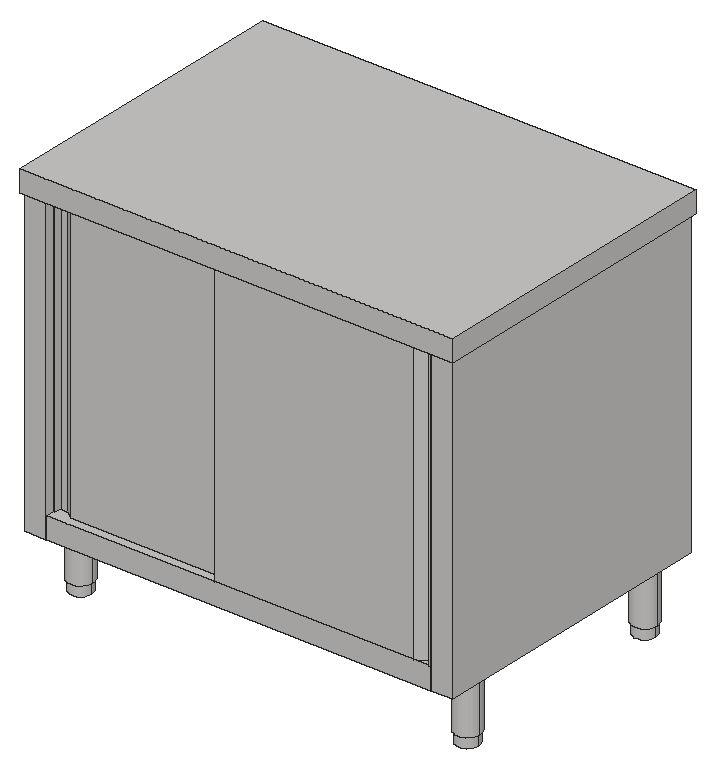
Revit family "QF_ELECTROLUXPROFESSIONAL_133073_TN1000EN", category Attrezzature speciali, Revit 2020
Family settings
  Quota connettore circolare = Usa diametro
  Tipo di parte = Normale
  Basato su piano di lavoro = No
  Sempre verticale = Sì
  Taglio con vuoti quando caricato = No
  Condiviso = No
  Punto di calcolo locali = No
Parameters (values of type "Standard")
  Weight = 50.00 kg
  Watts = 0 W
  Volts = 0 V
  URL Manufacturer = "https://www.electroluxprofessional.com/"
  URL = "https://www.electroluxprofessional.com/"
  Steam Supply Size = 0 mm
  Steam Supply Minimum Pressure = 0.0 Pa
  Steam Supply Maximum Pressure = 0.0 Pa
  Steam Consumption per Hour = 0
  Refrigeration Suction Line Size = 0.0 mm
  Refrigeration Liquid Line Size = 0.0 mm
  Refrigerant Compressor Remote = yes
  Prospetto di default = 0.0 mm
  Produttore = "Electrolux Professional"
  Phase = 0
  Modello = "TN1000EN"
  Length Actual = 1000.0 mm  # constant formula
  Item Number = "133073"
  Hot Water Size = 0 mm
  Height Actual = 900.0 mm  # constant formula
  HP = "0 HP"
  Gas Size = 0 mm
  Gas KW = 0
  Gas Input Pressure = 0 W
  Direct Waste Size = 0 mm
  Descrizione = "WORKTOP CUPBOARD 1000 MM"
  Depth Actual = 700.0 mm  # constant formula
  Cycle = 0 Hz
  Condensate Return Size = 0 mm
  Compressed Air Volume = 0.0 L/s
  Compressed Air Size = 0 mm
  Compressed Air Pressure = 0.0 Pa
  Cold Water Size = 0 mm
  Accessory = yes
Reference planes
  plane 1 "Center (Front/Back)": y = 0
  plane 2: z = 0
  plane 3 "Center (Left/Right)": x = 0
  plane 4 "LEFT": x = -500
  plane 5 "RIGHT": x = 500
  plane 6 "BACK": y = 350
  plane 7 "FRONT": y = -350
  plane 8 "Base": z = 850
  plane 9 "TOP": z = 900
  plane 10: x = -446.9
  plane 11: x = 446.9
  plane 12: y = 270
  plane 13: y = -241.9
  plane 14 "BodyLeft": x = -494.5
  plane 15 "BodyFront": y = -344.5
  plane 16 "BodyRight": x = 494.5
  plane 17 "BodyBack": y = 344.5
  plane 18 "FEET": z = 150
  plane 19: x = 55.5
  plane 20: x = -55.5
Forms (mm)
  Extrusion 1, solid, material "QF_Finishes_Stainless Steel"
    sketch origin (0, 0, 0) x (0, 1, 0) y (0, 0, 1)
      loop
        line (-350, 850) -> (350, 850) -> (350, 900) -> (-350, 900) -> (-350, 850)
    from 500 to -500
  Extrusion 2, solid, material "QF_Finishes_Stainless Steel"
    sketch origin (0, 0, 150) x (-1, 0, 0) y (0, -1, 0)
      loop
        line (494.5, -344.5) -> (494.5, 344.5) -> (444.5, 344.5) -> (444.5, -344.5) -> (494.5, -344.5)
      loop
        line (-444.5, -344.5) -> (-444.5, 344.5) -> (-494.5, 344.5) -> (-494.5, -344.5) -> (-444.5, -344.5)
    from 0 to 700
  Extrusion 3, solid, material "QF_Finishes_Stainless Steel"
    sketch origin (0, 0, 150) x (-1, 0, 0) y (0, -1, 0)
      loop
        line (443.585, -344.5) -> (443.585, 344.5) -> (-444.5, 344.5) -> (-444.5, -344.5) -> (443.585, -344.5)
    from 0 to 50
  Extrusion 4, solid, material "QF_Finishes_Stainless Steel"
    sketch origin (0, 0, 150) x (-1, 0, 0) y (0, -1, 0)
      loop
        line (443.585, -344.5) -> (443.585, -294.5) -> (-444.5, -294.5) -> (-444.5, -344.5) -> (443.585, -344.5)
    from 50 to 700
  Extrusion 5, solid, material "QF_Finishes_Stainless Steel"
    sketch origin (0, 0, 150) x (-1, 0, 0) y (0, -1, 0)
      loop
        line (-444.5, 344.5) -> (-444.5, 324.5) -> (55.5, 324.5) -> (55.5, 344.5) -> (-404.5, 344.5) -> (-424.5, 329.5) -> (-439.5, 329.5) -> (-439.5, 344.5) -> (-444.5, 344.5)
    from 50 to 700
  Extrusion 6, solid, material "QF_Finishes_Stainless Steel"
    sketch origin (0, 20, 150) x (1, 0, 0) y (0, 1, 0)
      loop
        line (-444.5, -344.5) -> (-439.5, -344.5) -> (-439.5, -329.5) -> (-424.5, -329.5) -> (-404.5, -344.5) -> (55.5, -344.5) -> (55.5, -324.5) -> (-444.5, -324.5) -> (-444.5, -344.5)
    from 50 to 700
Lines and regions (mm)
  symbolic lines
    curve 1: line (500, 350, 900) -> (-500, 350, 900)
    curve 2: line (-500, 350, 900) -> (-500, -350, 900)
    curve 3: line (-500, -350, 900) -> (500, -350, 900)
    curve 4: line (500, -350, 900) -> (500, 350, 900)
  symbolic lines, style "SpecialityEquipmentHiddenLines"
    curve 5: line (-494.5, 344.5, 150) -> (494.5, 344.5, 150)
    curve 6: line (-494.5, -344.5, 150) -> (-494.5, 344.5, 150)
    curve 7: line (494.5, -344.5, 150) -> (-494.5, -344.5, 150)
    curve 8: line (494.5, 344.5, 150) -> (494.5, -344.5, 150)
    curve 9: line (-444.5, -304.5, 150) -> (55.5, -304.5, 150)
    curve 10: line (55.5, -304.5, 150) -> (55.5, -324.5, 150)
    curve 11: line (-444.5, -324.5, 150) -> (444.5, -324.5, 150)
    curve 12: line (444.5, -324.5, 150) -> (444.5, -344.5, 150)
    curve 13: line (-55.5, -324.5, 150) -> (-55.5, -344.5, 150)
    curve 14: line (-444.5, -304.5, 150) -> (-444.5, -324.5, 150)
Dimensions and locks
  plane 4 "LEFT" to plane 5 "RIGHT" = 1000.0 mm
  equal spacing: plane 4 "LEFT", plane 3 "Center (Left/Right)", plane 5 "RIGHT"
  locked: plane 8 "Base" to level at 850
  plane 9 "TOP" to level = 900.0 mm
  plane 6 "BACK" to plane 7 "FRONT" = 700.0 mm
  equal spacing: plane 6 "BACK", plane 1 "Center (Front/Back)", plane 7 "FRONT"
  locked: plane 4 "LEFT" to plane 14 "BodyLeft" at 5.5
  locked: plane 16 "BodyRight" to plane 5 "RIGHT" at 5.5
  locked: plane 15 "BodyFront" to plane 7 "FRONT" at 5.5
  locked: plane 6 "BACK" to plane 17 "BodyBack" at 5.5
  locked: plane 14 "BodyLeft" to plane 10 at 47.6
  locked: plane 11 to plane 16 "BodyRight" at 47.6
  locked: plane 13 to plane 15 "BodyFront" at 102.6
  locked: plane 17 "BodyBack" to plane 12 at 74.5
  plane 10 to plane 11 = 893.8 mm
  plane 12 to plane 13 = 511.9 mm
  locked: plane 14 "BodyLeft" to Extrusion 2 sketch curve at 50
  locked: Extrusion 2 sketch curve to Extrusion 2 sketch curve at 50
  Extrusion 3 to Extrusion 4 sketch curve = 50.0 mm
  Extrusion 2 to plane 19 = 500.0 mm
  plane 20 to Extrusion 2 = 500.0 mm
  locked: plane 18 "FEET" to level at 150
  aligned and locked: level to plane 2
  aligned and locked: plane 10 to nested 1
  aligned and locked: nested 1 to plane 13
  aligned and locked: plane 11 to nested 2
  aligned and locked: nested 2 to plane 13
  aligned and locked: plane 11 to nested 4
  aligned and locked: nested 4 to plane 12
  aligned and locked: plane 10 to nested 3
  aligned and locked: nested 3 to plane 12
  aligned and locked: Extrusion 1 to plane 4 "LEFT"
  aligned and locked: plane 5 "RIGHT" to Extrusion 1
  aligned and locked: curve 2 to plane 4 "LEFT"
  aligned and locked: plane 17 "BodyBack" to Extrusion 2 sketch curve
  aligned and locked: Extrusion 2 sketch curve to plane 15 "BodyFront"
  aligned and locked: Extrusion 2 sketch curve to plane 14 "BodyLeft"
  aligned and locked: plane 16 "BodyRight" to Extrusion 2 sketch curve
  aligned and locked: Extrusion 2 sketch curve to plane 17 "BodyBack"
  aligned and locked: plane 15 "BodyFront" to Extrusion 2 sketch curve
  aligned and locked: Extrusion 3 sketch curve to plane 17 "BodyBack"
  aligned and locked: plane 15 "BodyFront" to Extrusion 3 sketch curve
  aligned and locked: plane 8 "Base" to Extrusion 2
  aligned and locked: Extrusion 4 sketch curve to Extrusion 3
  aligned and locked: plane 8 "Base" to Extrusion 5
  aligned and locked: Extrusion 5 to Extrusion 3
  aligned and locked: Extrusion 6 sketch curve to plane 19
  aligned and locked: Extrusion 5 sketch curve to plane 20
  aligned and locked: Extrusion 1 to plane 8 "Base"
  aligned and locked: plane 9 "TOP" to Extrusion 1
  aligned and locked: curve 5 to plane 17 "BodyBack"
  aligned and locked: plane 14 "BodyLeft" to curve 6
  aligned and locked: plane 15 "BodyFront" to curve 7
  aligned and locked: plane 16 "BodyRight" to curve 8
Automatic sketch dimensions
  curve 3 to plane 7 "FRONT" = 0.0 mm
  curve 4 to plane 6 "BACK" = 0.0 mm
  Extrusion 1 sketch curve to plane 7 "FRONT" = 0.0 mm
  plane 9 "TOP" to Extrusion 1 sketch curve = 0.0 mm
  Extrusion 1 sketch curve to plane 6 "BACK" = 0.0 mm
  Extrusion 1 sketch curve to plane 8 "Base" = 0.0 mm
  Extrusion 5 sketch curve to plane 15 "BodyFront" = 0.0 mm  (x2)
  Extrusion 5 sketch curve to plane 11 = 2.4 mm
  Extrusion 5 sketch curve to Extrusion 5 sketch curve = 5.0 mm
  Extrusion 5 sketch curve to Extrusion 5 sketch curve = 15.0 mm
  Extrusion 5 sketch curve to Extrusion 5 sketch curve = 20.0 mm
  plane 15 "BodyFront" to Extrusion 5 sketch curve = 15.0 mm
  plane 15 "BodyFront" to Extrusion 5 sketch curve = 20.0 mm
  Extrusion 6 sketch curve to plane 15 "BodyFront" = 20.0 mm  (x2)
  Extrusion 6 sketch curve to plane 10 = 2.4 mm
  Extrusion 6 sketch curve to Extrusion 6 sketch curve = 5.0 mm
  Extrusion 6 sketch curve to Extrusion 6 sketch curve = 15.0 mm
  Extrusion 6 sketch curve to Extrusion 6 sketch curve = 20.0 mm  (x2)
  Extrusion 6 sketch curve to plane 15 "BodyFront" = 35.0 mm
  Extrusion 3 sketch curve to plane 11 = 2.4 mm
  plane 10 to Extrusion 3 sketch curve = 3.315 mm
  Extrusion 4 sketch curve to plane 11 = 2.4 mm
  plane 10 to Extrusion 4 sketch curve = 3.315 mm
  curve 10 to plane 19 = 0.0 mm
  curve 13 to plane 20 = 0.0 mm
  curve 11 to plane 11 = 2.4 mm
  plane 15 "BodyFront" to curve 9 = 40.0 mm
  curve 12 to curve 12 = 20.0 mm
  plane 10 to curve 14 = 2.4 mm
  curve 4 to plane 5 "RIGHT" = 0.0 mm
Nested families
  nested 1: "FEET_D58-150" at (-446.9, -241.9, 0), type "FEET_D58-150"
  nested 2: "FEET_D58-150" at (446.9, -241.9, 0), type "FEET_D58-150"
  nested 3: "FEET_D58-150" at (-446.9, 270, 0), type "FEET_D58-150"
  nested 4: "FEET_D58-150" at (446.9, 270, 0), type "FEET_D58-150"
Definition of nested family "FEET_D58-150"
  Parameters
    Default Elevation = 0.0 mm
    FEET = 150.0 mm
  Reference planes
    plane 1 "Center (Front/Back)": y = 0
    plane 2: z = 0
    plane 3 "Center (Left/Right)": x = 0
    plane 4: z = 150
  Forms (mm)
    Extrusion 1, solid
      sketch origin (0, 0, 0) x (1, 0, 0) y (0, 1, 0)
        loop
          circle (0, 0) r 25
      from 0 to 25
    Extrusion 2, solid
      sketch origin (0, 0, 0) x (1, 0, 0) y (0, 1, 0)
        loop
          circle (0.061, 0) r 29
      from 25 to 150 <- "FEET"
  Lines and regions (mm)
    symbolic lines
      curve 1: line (0, -1.503, 0) -> (0, 1.508, 0)
      curve 2: line (1.561, 0, 0) -> (-1.439, 0, 0)
  Dimensions and locks
    "FEET": plane 4 to plane 2
    aligned and locked: level to plane 2
  Automatic sketch dimensions
    plane 1 "Center (Front/Back)" to Extrusion 1 sketch curve = 0.0 mm
    Extrusion 1 sketch curve to plane 3 "Center (Left/Right)" = 0.0 mm
    plane 1 "Center (Front/Back)" to curve 2 = 0.0 mm
    curve 1 to plane 3 "Center (Left/Right)" = 0.0 mm
    curve 2 to plane 3 "Center (Left/Right)" = 1.439 mm
    plane 3 "Center (Left/Right)" to curve 2 = 1.561 mm
    plane 1 "Center (Front/Back)" to curve 1 = 1.503 mm
    curve 1 to plane 1 "Center (Front/Back)" = 1.508 mm
    plane 1 "Center (Front/Back)" to Extrusion 2 sketch curve = 0.0 mm
    plane 3 "Center (Left/Right)" to Extrusion 2 sketch curve = 0.061 mm
    radius of Extrusion 1 sketch curve = 25.0 mm
    radius of Extrusion 2 sketch curve = 29.0 mm
